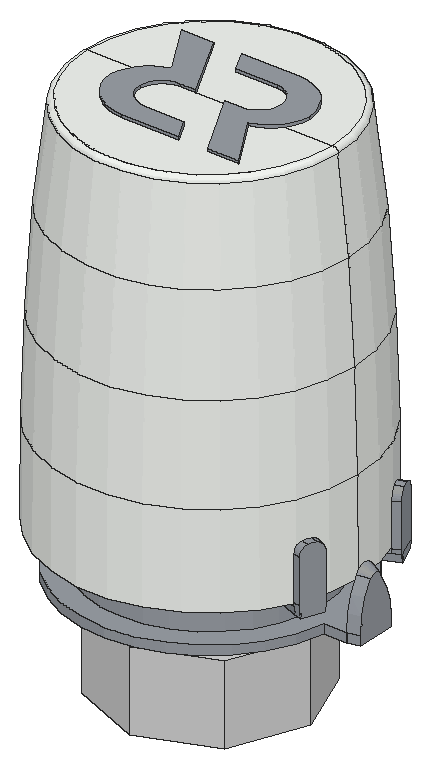
Revit family "РИДАН_Термостатические элементы серии TR 9000 Ultra", category Арматура трубопроводов, Revit 2019
Family settings
  Размер круглого соединителя = Использовать диаметр
  Тип детали = Нормальный
  На основе рабочей плоскости = Нет
  Всегда вертикально = Да
  При загрузке вырезать с полостями = Нет
  Общий = Да
Parameters (values of type "TR 9006 Ultra")
  Контакты_Производитель = "info@ridan.ru"  # constant formula
  Гайка = not(RA)  # yes
  Артикул = "013G9006R"
  RA = no
  LT = "TR9000"  # constant formula
  ADSK_Наименование = size_lookup(LT, "Name", "не определено", Артикул)  # "Термостатический элемент с выносным  датчиком, присоединение М30х1,5.  Длина капиллярной трубки 2 м"
  ADSK_Материал = none
  ADSK_Масса_Текст = ""
  ADSK_Масса = size_lookup(LT, "M", 0, Артикул)  # 0
  ADSK_Марка = size_lookup(LT, "Mark", "не определено", Артикул)  # "TR 9006 Ultra"
  ADSK_Количество = 1  # constant formula
  ADSK_Код изделия = size_lookup(LT, "", "не определено", Артикул)  # "013G9006R"
  ADSK_Завод-изготовитель = "ООО «Ридан-Трейд»"  # constant formula
  ADSK_Единица измерения = "шт."  # constant formula
  ADSK_Версия семейства = "1.0"  # constant formula
  ADSK_Версия Revit = "2019"  # constant formula
Types (5, lengths in mm): name | Гайка | Артикул | RA | ADSK_Наименование | ADSK_Марка | ADSK_Код изделия
  (no name) | yes | "013G9006R" | no | "Термостатический элемент с выносным  датчиком, присоединение М30х1,5.  Длина капиллярной трубки 2 м" | "TR 9006 Ultra" | "013G9006R"
  TR 9000 Ultra | no | "013G9000R" | yes | "Термостатический элемент со встроен ным датчиком, присоединение RTR/RA" | "TR 9000 Ultra" | "013G9000R"
  TR 9001 Ultra | yes | "013G9001R" | no | "Термостатический элемент со встроен ным датчиком, присоединение М30х1,5" | "TR 9001 Ultra" | "013G9001R"
  TR 9005 Ultra | no | "013G9005R" | yes | "Термостатический элемент с выносным  датчиком, присоединение RTR/RA.  Длина капиллярной трубки 2 м" | "TR 9005 Ultra" | "013G9005R"
  TR 9006 Ultra | yes | "013G9006R" | no | "Термостатический элемент с выносным  датчиком, присоединение М30х1,5.  Длина капиллярной трубки 2 м" | "TR 9006 Ultra" | "013G9006R"
Reference planes
  plane 1 "По центру (Вперед/Назад)": y = 0
  plane 2: z = 0
  plane 3 "По центру (Влево/Вправо)": x = 0
Forms (mm)
  Revolve 1, solid, material "TR9000_Корпус"
    sketch origin (0, 0, 0) x (1, 0, 0) y (0, 0, 1)
      loop
        arc (-22.03, 89.763) -> (-23.033, 82.056) -> (-23.844, 74.327) r 312.955
        arc (-23.844, 74.327) -> (-24.506, 66.139) -> (-24.981, 57.938) r 359.213
        arc (-24.981, 57.938) -> (-25.294, 49.675) -> (-25.466, 41.408) r 484.116
        arc (-25.466, 41.408) -> (-25.537, 33.455) -> (-25.554, 25.502) r 1176.392
        line (-25.554, 25.502) -> (0, 25.502) -> (0, 90.602) -> (-21.063, 90.602)
        arc (-21.063, 90.602) -> (-21.703, 90.363) -> (-22.03, 89.763) r 0.977
      axis (0, 90.602) -> (0, 25.502)
    angle from 0 to 360
  Revolve 2, solid, material "TR9000_Основание"
    sketch origin (0, 0, 0) x (1, 0, 0) y (0, 0, 1)
      loop
        line (0, 25.502) -> (-19.326, 25.502) -> (-19.326, 19.162) -> (-23.019, 19.162) -> (-23.019, 17.562) -> (-19.447, 16.262) -> (-13.044, 16.262) -> (-13.044, 13.5) -> (0, 13.5) -> (0, 25.502)
      axis (0, 25.502) -> (0, 13.5)
    angle from 0 to 360
  Extrusion 3, solid, material "TR9000_Основание", visible <- "RA"
    sketch origin (0, 0, 0) x (1, 0, 0) y (0, 1, 0)
      loop
        arc (-10.836, 14.185) -> (-12.632, 12.611) -> (-14.203, 10.812) r 17.85
        arc (-14.203, 10.812) -> (-15.239, 6.298) -> (-17.692, 2.368) r 14
        arc (-17.692, 2.368) -> (-17.85, -0.015) -> (-17.688, -2.398) r 17.85
        arc (-17.688, -2.398) -> (-15.229, -6.323) -> (-14.185, -10.836) r 14
        arc (-14.185, -10.836) -> (-12.611, -12.632) -> (-10.812, -14.203) r 17.85
        arc (-10.812, -14.203) -> (-6.298, -15.239) -> (-2.368, -17.692) r 14
        arc (-2.368, -17.692) -> (0.015, -17.85) -> (2.398, -17.688) r 17.85
        arc (2.398, -17.688) -> (6.323, -15.229) -> (10.836, -14.185) r 14
        arc (10.836, -14.185) -> (12.632, -12.611) -> (14.203, -10.812) r 17.85
        arc (14.203, -10.812) -> (15.239, -6.298) -> (17.692, -2.368) r 14
        arc (17.692, -2.368) -> (17.85, 0.015) -> (17.688, 2.398) r 17.85
        arc (17.688, 2.398) -> (15.229, 6.323) -> (14.185, 10.836) r 14
        arc (14.185, 10.836) -> (12.611, 12.632) -> (10.812, 14.203) r 17.85
        arc (10.812, 14.203) -> (6.298, 15.239) -> (2.368, 17.692) r 14
        arc (2.368, 17.692) -> (-0.015, 17.85) -> (-2.398, 17.688) r 17.85
        arc (-2.398, 17.688) -> (-6.322, 15.228) -> (-10.836, 14.185) r 13.984
    from 0 to 13.5
  Blend 4, solid, material "TR9000_Основание"
    base sketch origin (0, 0, 0) x (0, 1, 0) y (0, 0, 1)
      loop
        arc (-1.788, 27.262) -> (-3.303, 23.324) -> (-3.85, 19.14) r 17.835
        line (-3.85, 19.14) -> (-3.85, 17.589) -> (3.808, 17.589) -> (3.808, 19.162)
        arc (3.808, 19.162) -> (3.289, 23.335) -> (1.788, 27.262) r 17.46
        arc (1.788, 27.262) -> (0, 28.34) -> (-1.788, 27.262) r 2.022
    top sketch origin (0, 0, 0) x (0, 1, 0) y (0, 0, 1)
      loop
        line (-3.255, 19.133) -> (-3.255, 17.589) -> (3.258, 17.589) -> (3.258, 19.162)
        arc (3.258, 19.162) -> (2.665, 23.162) -> (1.004, 26.848) r 14.695
        arc (1.004, 26.848) -> (0, 27.403) -> (-1.004, 26.848) r 1.186
        arc (-1.004, 26.848) -> (-2.668, 23.148) -> (-3.255, 19.133) r 14.675
    from 26.614 to 28.481
  Extrusion 5, solid, material "TR9000_Основание"
    sketch origin (0, 0, 0) x (0, 1, 0) y (0, 0, 1)
      loop
        line (-3.85, 17.562) -> (3.85, 17.562) -> (3.85, 19.162) -> (-3.85, 19.162) -> (-3.85, 17.562)
    from 21.343 to 26.614
  Extrusion 6, solid, material "TR9000_Основание"
    sketch origin (0, 0, 0) x (0.358368, 0.93358, 0) y (0, 0, 1)
      loop
        spline (-0.882, 35.244) -> (-1.064, 35.19) -> (-1.239, 35.116) -> (-1.405, 35.023) -> (-1.559, 34.913) -> (-1.7, 34.786) -> (-1.826, 34.645) -> (-1.936, 34.49) -> (-2.027, 34.324) -> (-2.1, 34.15) -> (-2.153, 33.968) -> (-2.185, 33.782) -> (-2.196, 33.594)
        line (-2.196, 33.594) -> (-2.196, 26.154)
        arc (-2.196, 26.154) -> (-2.152, 25.15) -> (-2.021, 24.154) r 11.516
        line (-2.021, 24.154) -> (1.78, 24.154)
        arc (1.78, 24.154) -> (1.911, 25.15) -> (1.955, 26.154) r 11.516
        line (1.955, 26.154) -> (1.955, 33.594)
        spline (1.955, 33.594) -> (1.943, 33.792) -> (1.907, 33.988) -> (1.849, 34.178) -> (1.769, 34.36) -> (1.668, 34.532) -> (1.548, 34.69) -> (1.409, 34.834) -> (1.255, 34.961) -> (1.088, 35.069) -> (0.908, 35.157) -> (0.72, 35.224) -> (0.525, 35.268)
        arc (0.525, 35.268) -> (-0.18, 35.326) -> (-0.882, 35.244) r 3.553
    from 26.094 to 27.488
  Extrusion 7, solid, material "TR9000_Основание"
    sketch origin (0, 0, 0) x (0.358368, 0.93358, 0) y (0, 0, 1)
      loop
        arc (-2.168, 25.353) -> (-2.11, 24.752) -> (-2.021, 24.154) r 11.516
        line (-2.021, 24.154) -> (1.78, 24.154)
        arc (1.78, 24.154) -> (1.87, 24.752) -> (1.927, 25.353) r 11.516
        line (1.927, 25.353) -> (-2.168, 25.353)
    from 23.366 to 27.492
  Extrusion 8, solid, material "TR9000_Основание"
    sketch origin (0, 0, 0) x (0.93358, -0.358368, 0) y (0.358368, 0.93358, 0)
      loop
        line (23.366, 1.927) -> (23.366, -2.168) -> (24.73, -2.168) -> (24.73, 1.927) -> (23.366, 1.927)
    from 25.353 to 26.156
  Extrusion 9, solid, material "TR9000_Основание"
    sketch origin (-0.158, 0.064, 0) x (-0.390731, 0.920505, 0) y (0, 0, 1)
      loop
        spline (-0.882, 35.244) -> (-1.064, 35.19) -> (-1.239, 35.116) -> (-1.405, 35.023) -> (-1.559, 34.913) -> (-1.7, 34.786) -> (-1.826, 34.645) -> (-1.936, 34.49) -> (-2.027, 34.324) -> (-2.1, 34.15) -> (-2.153, 33.968) -> (-2.185, 33.782) -> (-2.196, 33.594)
        line (-2.196, 33.594) -> (-2.196, 26.154)
        arc (-2.196, 26.154) -> (-2.152, 25.15) -> (-2.021, 24.154) r 11.516
        line (-2.021, 24.154) -> (1.78, 24.154)
        arc (1.78, 24.154) -> (1.911, 25.15) -> (1.955, 26.154) r 11.516
        line (1.955, 26.154) -> (1.955, 33.594)
        spline (1.955, 33.594) -> (1.943, 33.792) -> (1.907, 33.988) -> (1.849, 34.178) -> (1.769, 34.36) -> (1.668, 34.532) -> (1.548, 34.69) -> (1.409, 34.834) -> (1.255, 34.961) -> (1.088, 35.069) -> (0.908, 35.157) -> (0.72, 35.224) -> (0.525, 35.268)
        arc (0.525, 35.268) -> (-0.18, 35.326) -> (-0.882, 35.244) r 3.553
    from 26.094 to 27.488
  Extrusion 10, solid, material "TR9000_Основание"
    sketch origin (-0.158, 0.064, 0) x (-0.390731, 0.920505, 0) y (0, 0, 1)
      loop
        arc (-2.168, 25.353) -> (-2.11, 24.752) -> (-2.021, 24.154) r 11.516
        line (-2.021, 24.154) -> (1.78, 24.154)
        arc (1.78, 24.154) -> (1.87, 24.752) -> (1.927, 25.353) r 11.516
        line (1.927, 25.353) -> (-2.168, 25.353)
    from 23.366 to 27.492
  Extrusion 11, solid, material "TR9000_Основание"
    sketch origin (-0.158, 0.064, 0) x (0.920505, 0.390731, 0) y (-0.390731, 0.920505, 0)
      loop
        line (23.366, 1.927) -> (23.366, -2.168) -> (24.73, -2.168) -> (24.73, 1.927) -> (23.366, 1.927)
    from 25.353 to 26.156
  Extrusion 12, solid, material "TR9000_Основание"
    sketch origin (0, 0, 0) x (1, 0, 0) y (0, 1, 0)
      loop
        line (-8.721, 11.594) -> (-14.142, 11.594) -> (-8.634, 2.621)
        arc (-8.634, 2.621) -> (-12.435, 0.326) -> (-14.065, -3.804) r 6.935
        arc (-14.065, -3.804) -> (-11.543, -9.301) -> (-5.946, -11.594) r 8.238
        line (-5.946, -11.594) -> (3.837, -11.594) -> (1.768, -7.774) -> (-5.278, -7.774)
        arc (-5.278, -7.774) -> (-7.967, -6.515) -> (-9.073, -3.759) r 4.044
        arc (-9.073, -3.759) -> (-7.881, -1.147) -> (-5.246, -0.005) r 4.003
        line (-5.246, -0.005) -> (-2.442, -0.005) -> (-8.721, 11.594)
      loop
        line (-3.866, 11.594) -> (-1.778, 7.775) -> (5.279, 7.775)
        arc (5.279, 7.775) -> (7.969, 6.516) -> (9.074, 3.759) r 4.043
        arc (9.074, 3.759) -> (7.881, 1.148) -> (5.246, 0.008) r 4.001
        line (5.246, 0.008) -> (2.468, 0.008) -> (8.81, -11.594) -> (14.142, -11.594) -> (8.633, -2.62)
        arc (8.633, -2.62) -> (12.434, -0.325) -> (14.065, 3.805) r 6.938
        arc (14.065, 3.805) -> (11.543, 9.302) -> (5.946, 11.594) r 8.238
        line (5.946, 11.594) -> (-3.866, 11.594)
    from 90 to 91
  Extrusion 13, solid, material "TR9000_Гайка", visible <- "Гайка"
    sketch origin (0, 0, 0) x (1, 0, 0) y (0, 1, 0)
      loop
        line (17.34, 0) -> (12.261, 12.261) -> (0, 17.34) -> (-12.261, 12.261) -> (-17.34, 0) -> (-12.261, -12.261) -> (0, -17.34) -> (12.261, -12.261) -> (17.34, 0)
    from 0 to 13.5
Cuts and joins
  joined: Revolve 2, Extrusion 5
  joined: Extrusion 6, Extrusion 7, Extrusion 8
Dimensions and locks
  aligned and locked: level to plane 2
  aligned and locked: Extrusion 5 to Blend 4
  aligned and locked: Extrusion 8 to cut or joined group of Extrusion 6, Extrusion 7, Extrusion 8
